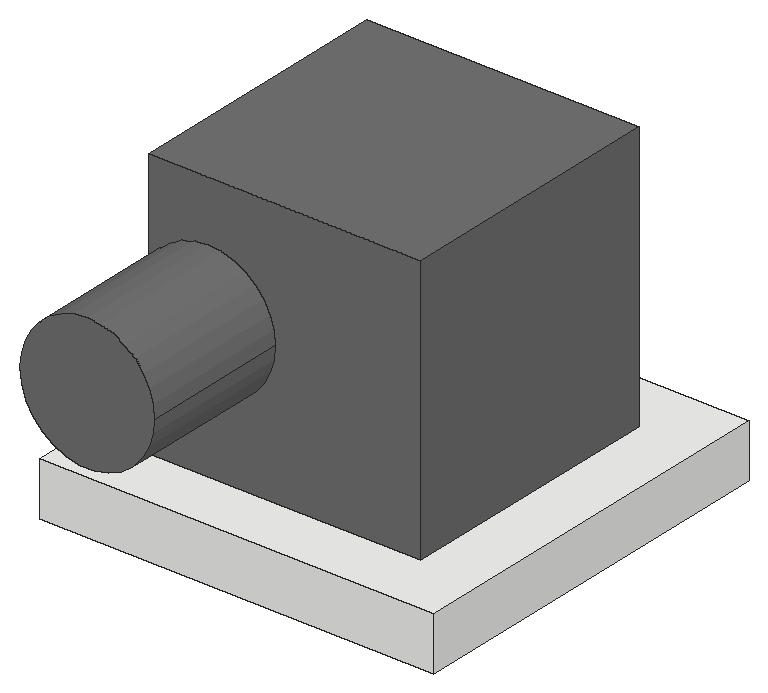
Revit family "vd-10_13zlec14-fps_50Hz", category 機械設備, Revit 2019
Family settings
  丸型コネクタ寸法 = 直径を使用
  パーツ タイプ = 標準
  OmniClass 番号 = 23.75.35.17.27
  OmniClass タイトル = Centrifugal Fans
  作業面ベース = いいえ
  常に垂直 = はい
  ロード時にボイドで切り取り = いいえ
  共有 = いいえ
  部屋計算ポイント = はい
Parameters (values of type "VD-13ZLEC14-FPS")
  騒音レベル(dB(A)) [instance] = 24.5
  風量 [instance] = 125.0 m³/h
  電源種別 [instance] = ""
  電圧 = 100 V
  電動機出力 = 0 W
  電動機_種別 [instance] = ""
  運転質量 = 0.00 kg
  連動 [instance] = ""
  質量 = if(製品質量 > 運転質量, 製品質量, 運転質量) * 1.2  # 2.04 kg
  負荷分類 = 3_ファン類
  説明 = "ダクト用換気扇 消音形 24時間換気機能付 フラットインテリアタイプ"
  設計風量 [instance] = 0.0 m³/h
  設置方法 = "天埋"
  記号 [instance] = ""
  製造元 = "三菱電機株式会社"
  製品質量 = 1.70 kg
  製品出荷対象 = "国内"
  製品リリース年月 = "2024年4月1日"
  製品グループ = ""
  系統 [instance] = ""
  符号 [instance] = if(☑給気／□排気, "FS", "FE")  # "FE"
  積算_科目 = "2 換気設備"
  積算_拾い区分 [instance] = ""
  相 = 1
  盤記号 [instance] = ""
  発停方法 [instance] = ""
  特殊仕様 [instance] = ""
  火災停止 [instance] = ""
  消費電力 = 13 W
  法定耐用年数 = "15"
  機外静圧 [instance] = 0.0 Pa
  極数 = 2
  材質 [instance] = ""
  操作・制御方式 = ""
  操作・制御スイッチ = ""
  排気量 [instance] = if(☑給気／□排気, 0.0 m³/h, 設計風量)  # 0.0 m³/h
  形式 = "天井埋込ダクト形"
  幹線記号 [instance] = ""
  対象室 [instance] = ""
  実風量 [instance] = 0.0 m³/h
  始動方式 [instance] = "直入"
  外気量 [instance] = if(☑給気／□排気, 設計風量, 0.0 m³/h)  # 0.0 m³/h
  呼称 = "天井扇"
  周波数 = 50 Hz
  参照している仕様書等のバージョン = ""
  分類コード = "50052503100030"
  分類グループ = ""
  価格 = 34900
  企業コード = "108420"
  付属品_防振装置 = ""
  付属品 [instance] = ""
  仕様書バージョン = "Version1.0"
  モデル = "VD-13ZLEC14-FPS"
  マテリアル = 合成樹脂(黒)
  ファンの種類 = ""
  ダクト径 = 100 mm
  コメント [instance] = ""
  Keynote = ""
  カバーマテリアル = 合成樹脂(白)
  ☑給気／□排気 [instance] = no
  Width = 198 mm
  W1 = 286 mm
  Version = ""
  Uniclass2015Version = "Systems v1.9"
  Uniclass2015Title = "Centrifugal fans"
  Uniclass2015Code = "Pr_65_67_29_12"
  URL = "https://www.mitsubishielectric.co.jp/ldg/wink/qr/002/333593/"
  SpecificationReference = ""
  SpecificationDescription = ""
  Revision = ""
  ProductInformation = ""
  OmniClassCode = "23-33 31 19 11 15"
  OAサイズ_D = 0 mm
  MIN風量 = 70.0 m³/h
  MIN静圧 = 0.0 Pa
  MID風量 = 0.0 m³/h
  MID静圧 = 0.0 Pa
  MAX風量 = 125.0 m³/h
  MAX静圧 = 0.0 Pa
  IfcTypeProduct = ""
  IfcProduct = ""
  IfcExportType = "PROPELLORAXIAL"
  IfcExportAs = "IfcFanType"
  Height = 195 mm
  H1 = 39 mm
  EAサイズ_D = 98 mm
  Duct_Height = 102 mm
  Duct_Depth = 109 mm
  Duct_Center = 56 mm
  Depth = 198 mm
  D1 = 286 mm
  Author = "三菱電機株式会社"
Types (2, lengths in mm): name | 騒音レベル(dB(A)) | 風量 | 質量 | 製品質量 | 消費電力 | 価格 | モデル | Width | W1 | URL | MIN風量 | MAX風量 | Height | Duct_Center | Depth | D1
  VD-10ZLEC14-FPS | 19.5 | 90.0 m³/h | 1.80 kg | 1.50 kg | 7.2 W | 31100 | "VD-10ZLEC14-FPS" | 174 | 250 | "https://www.mitsubishielectric.co.jp/ldg/wink/qr/002/333570/" | 55.0 m³/h | 90.0 m³/h | 184 | 0 | 174 | 250
  VD-13ZLEC14-FPS | 24.5 | 125.0 m³/h | 2.04 kg | 1.70 kg | 13 W | 34900 | "VD-13ZLEC14-FPS" | 198 | 286 | "https://www.mitsubishielectric.co.jp/ldg/wink/qr/002/333593/" | 70.0 m³/h | 125.0 m³/h | 195 | 56 | 198 | 286
Reference planes
  plane 1 "中心(正面/背面)": y = 0
  plane 2: z = 0
  plane 3 "中心(左/右)": x = 0
  plane 4: x = -143
  plane 5: x = 143
  plane 6: y = 143
  plane 7: y = -143
  plane 8: x = -99
  plane 9: x = 99
  plane 10: y = 99
  plane 11: y = -99
  plane 12: y = -208
  plane 13: z = 195
  plane 14: z = -39
  plane 15: z = 102
  plane 16: x = -56
Forms (mm)
  Extrusion 1, solid, material "合成樹脂(黒)" <- "マテリアル", detail levels fine
    sketch origin (0, 0, 0) x (1, 0, 0) y (0, 1, 0)
      loop
        line (-99, 99) -> (-99, -99) -> (99, -99) -> (99, 99) -> (-99, 99)
    from 0 to 195
  Extrusion 2, solid, material "合成樹脂(白)" <- "カバーマテリアル", detail levels fine
    sketch origin (0, 0, 0) x (1, 0, 0) y (0, 1, 0)
      loop
        line (-143, 143) -> (-143, -143) -> (143, -143) -> (143, 143) -> (-143, 143)
    from 0 to -39
  Extrusion 3, solid, material "合成樹脂(黒)" <- "マテリアル", detail levels fine
    sketch origin (0, 0, 0) x (1, 0, 0) y (0, 0, 1)
      loop
        circle (-56, 102) r 49
    from 99 to 208
Dimensions and locks
  equal spacing: plane 4, plane 3 "中心(左/右)", plane 5
  "W1": plane 4 to plane 5
  equal spacing: plane 6, plane 1 "中心(正面/背面)", plane 7
  "D1": plane 6 to plane 7
  equal spacing: plane 8, plane 3 "中心(左/右)", plane 9
  "Width": plane 8 to plane 9
  equal spacing: plane 10, plane 1 "中心(正面/背面)", plane 11
  "Depth": plane 10 to plane 11
  "Duct_Depth": plane 11 to plane 12
  "Height": plane 13 to plane 2
  "Duct_Height": plane 15 to plane 2
  "H1": plane 2 to plane 14
  "Duct_Center": plane 3 "中心(左/右)" to plane 16
  "EAサイズ_D": diameter of Extrusion 3 sketch curve
  aligned and locked: level to plane 2
  aligned and locked: plane 5 to Extrusion 2
  aligned and locked: plane 6 to Extrusion 2
  aligned and locked: Extrusion 2 to plane 4
  aligned and locked: Extrusion 2 to plane 7
  aligned and locked: plane 9 to Extrusion 1
  aligned and locked: Extrusion 1 to plane 11
  aligned and locked: Extrusion 1 to plane 8
  aligned and locked: plane 10 to Extrusion 1
  aligned and locked: plane 13 to Extrusion 1
  aligned and locked: Extrusion 2 to plane 14
  aligned and locked: level to Extrusion 2
  aligned and locked: Extrusion 1 to level
  aligned and locked: Extrusion 3 to plane 12
  aligned and locked: plane 11 to Extrusion 3
Automatic sketch dimensions
  Extrusion 1 sketch curve to plane 3 "中心(左/右)" = 99 mm
  plane 3 "中心(左/右)" to Extrusion 1 sketch curve = 99 mm
  Extrusion 2 sketch curve to plane 3 "中心(左/右)" = 143 mm
  plane 3 "中心(左/右)" to Extrusion 2 sketch curve = 143 mm
  plane 1 "中心(正面/背面)" to Extrusion 1 sketch curve = 99 mm
  Extrusion 1 sketch curve to plane 1 "中心(正面/背面)" = 99 mm
  plane 1 "中心(正面/背面)" to Extrusion 2 sketch curve = 143 mm
  Extrusion 2 sketch curve to plane 1 "中心(正面/背面)" = 143 mm
  Extrusion 3 sketch curve to plane 15 = 0 mm
  Extrusion 3 sketch curve to plane 16 = 0 mm
Nested families
  nested 1: "記号_天井換気扇_平面" at (0, 0, 0), type "記号_天井換気扇_平面", detail levels coarse+medium
Connectors
  hvac at (-56, -208, 102), driven by "ダクト径", driven by "風量", driven by "機外静圧"
    settings: on Extrusion 3, index 1, duct flow 125.0 m³/h, flow factor 0, pres drop 0.0 Pa, loss coef 0, conn angle 0.00°, conn width 304.8 mm, conn height 304.8 mm, conn diameter 100 mm, duct sys type 3, conn prof type 0, flow config 0, flow direction 2, loss method 4, conn ref index -1, conn util no, is conn primary yes, conn desc ""
  electrical at (0, 0, 195), driven by "極数", driven by "負荷分類", driven by "電圧", driven by "消費電力"
    settings: on Extrusion 1, index 2, voltage 100 V, apparent load 13 VA, apparent load phase1 0 VA, apparent load phase2 0 VA, apparent load phase3 0 VA, power factor 1, load classification "3_ファン類", number of poles 2, system type 30, power factor state 1, is connector primary yes, connector utility no, sub classification motor no, connector description ""
Definition of nested family "記号_天井換気扇_平面"
  Reference planes
    plane 1: y = 0
    plane 2: x = 0
  Lines and regions (mm)
    detail lines
      curve 1: line (-2.5, 2.5, 0) -> (2.5, 2.5, 0)
      curve 2: line (-2.5, -2.5, 0) -> (-2.5, 2.5, 0)
      curve 3: line (2.5, -2.5, 0) -> (-2.5, -2.5, 0)
      curve 4: line (2.5, 2.5, 0) -> (2.5, -2.5, 0)
      curve 5: circle (-1.04, -1.04, 0) r 1.46 normal (0, 0, 1)
      curve 6: circle (1.04, 1.04, 0) r 1.46 normal (0, 0, 1)
      curve 7: line (-3.125, 3.125, 0) -> (3.125, 3.125, 0)
      curve 8: line (-3.125, -3.125, 0) -> (-3.125, 3.125, 0)
      curve 9: line (3.125, -3.125, 0) -> (-3.125, -3.125, 0)
      curve 10: line (3.125, 3.125, 0) -> (3.125, -3.125, 0)
      curve 11: circle (1.295, 1.295, 0) r 1.83 normal (0, 0, 1)
      curve 12: circle (-1.295, -1.295, 0) r 1.83 normal (0, 0, 1)
      curve 13: line (-2, 2, 0) -> (2, 2, 0)
      curve 14: line (-2, -2, 0) -> (-2, 2, 0)
      curve 15: line (2, -2, 0) -> (-2, -2, 0)
      curve 16: line (2, 2, 0) -> (2, -2, 0)
      curve 17: circle (0.84, 0.84, 0) r 1.16 normal (0, 0, 1)
      curve 18: circle (-0.84, -0.84, 0) r 1.2 normal (0, 0, 1)
